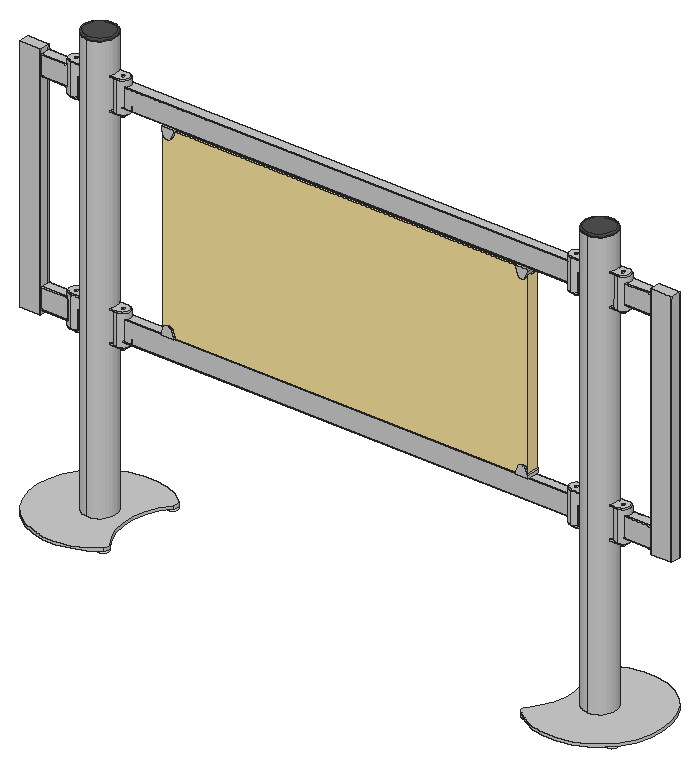
Revit family "PQR-441-ANPNL", category Furniture, Revit 2021
Family settings
  OmniClass Number = 23.40.20.00
  OmniClass Title = General Furniture and Specialties
  Work Plane-Based = No
  Always vertical = Yes
  Cut with Voids When Loaded = No
  Shared = No
  Room Calculation Point = No
Parameters
  W = 4' - 0"
  Frame [instance] = CEN_Frame_Metallic Silver Powdercoat (MS)
  Panel [instance] = Render Material 255-223-127
  Model = "PQR-441-ANPNL"
  End pieces on/off R [instance] = yes
  End pieces on/off L [instance] = yes
  Default Elevation = 0' - 0"
Reference planes (in)
  plane 1 "Center Front/Back": y = 0
  plane 2: z = 0
  plane 3 "Center Left/Right": x = 0
  plane 4: x = -24
  plane 5: x = 24
  plane 6: x = -17.5
  plane 7: x = 17.5
  plane 8: x = -21.5
  plane 9: x = 21.5
Forms (in)
  Extrusion 1, solid, material "CEN_Frame_Metallic Silver Powdercoat (MS)" <- "Frame"
    sketch origin (-23.29168, 0.50272, 36.0271) x (0, -1, 0) y (0, 0, 1)
      loop
        line (1, 0) -> (1, 1.78554)
        arc (1, 1.78554) -> (0.98091, 1.83163) -> (0.93482, 1.85072) r 0.06518
        line (0.93482, 1.85072) -> (0.06518, 1.85072)
        arc (0.06518, 1.85072) -> (0.01909, 1.83163) -> (0, 1.78554) r 0.06518
        line (0, 1.78554) -> (0, 0)
        arc (0, 0) -> (0.01909, -0.04609) -> (0.06518, -0.06518) r 0.06518
        line (0.06518, -0.06518) -> (0.93482, -0.06518)
        arc (0.93482, -0.06518) -> (0.98091, -0.04609) -> (1, 0) r 0.06518
      loop
        line (1, -20.08373) -> (1, -18.21446)
        arc (1, -18.21446) -> (0.98091, -18.16837) -> (0.93482, -18.14928) r 0.06518
        line (0.93482, -18.14928) -> (0.06518, -18.14928)
        arc (0.06518, -18.14928) -> (0.01909, -18.16837) -> (0, -18.21446) r 0.06518
        line (0, -18.21446) -> (0, -20.08373)
        arc (0, -20.08373) -> (0.01909, -20.12982) -> (0.06518, -20.14891) r 0.06518
        line (0.06518, -20.14891) -> (0.93482, -20.14891)
        arc (0.93482, -20.14891) -> (0.98091, -20.12982) -> (1, -20.08373) r 0.06518
    from -1.79168 to -44.79168
  Extrusion 2, solid, material "Render Material 255-223-127" <- "Panel"
    sketch origin (0, 0, 0) x (0, 1, 0) y (0, 0, 1)
      loop
        line (0.5, 17.96904) -> (0.5, 35.78154) -> (0.4375, 35.78154) -> (-0.4375, 35.78154) -> (-0.5, 35.78154) -> (-0.5, 17.96904) -> (-0.4375, 17.96904) -> (0.4375, 17.96904) -> (0.5, 17.96904)
    from -17.5 to 17.5
  Extrusion 3, solid, material "CEN_Frame_Metallic Silver Powdercoat (MS)" <- "Frame"
    sketch origin (0, 0, 0) x (1, 0, 0) y (0, 0, 1)
      loop
        line (-16.4145, 35.87529) -> (-17.5855, 35.87529) -> (-17.5855, 35.65654) -> (-17.41169, 35.17323)
        arc (-17.41169, 35.17323) -> (-17, 34.88379) -> (-16.58831, 35.17323) r 0.4375
        line (-16.58831, 35.17323) -> (-16.4145, 35.65654) -> (-16.4145, 35.87529)
    from -0.61497 to 0.61159
  Extrusion 4, solid, material "CEN_Frame_Metallic Silver Powdercoat (MS)" <- "Frame"
    sketch origin (0, 0, 0) x (-1, 0, 0) y (0, 0, -1)
      loop
        line (-16.4145, -35.87529) -> (-16.4145, -35.65654) -> (-16.58831, -35.17323)
        arc (-16.58831, -35.17323) -> (-17, -34.88379) -> (-17.41169, -35.17323) r 0.4375
        line (-17.41169, -35.17323) -> (-17.5855, -35.65654) -> (-17.5855, -35.87529) -> (-16.4145, -35.87529)
    from -0.61497 to 0.61159
  Extrusion 5, solid, material "CEN_Frame_Metallic Silver Powdercoat (MS)" <- "Frame"
    sketch origin (0, 0, 53.75058) x (1, 0, 0) y (0, 0, 1)
      loop
        line (-16.4145, -35.87529) -> (-16.4145, -35.65654) -> (-16.58831, -35.17323)
        arc (-16.58831, -35.17323) -> (-17, -34.88379) -> (-17.41169, -35.17323) r 0.4375
        line (-17.41169, -35.17323) -> (-17.5855, -35.65654) -> (-17.5855, -35.87529) -> (-16.4145, -35.87529)
    from -0.61497 to 0.61159
  Extrusion 6, solid, material "CEN_Frame_Metallic Silver Powdercoat (MS)" <- "Frame"
    sketch origin (0, 0, 53.75058) x (-1, 0, 0) y (0, 0, -1)
      loop
        line (-16.4145, 35.87529) -> (-17.5855, 35.87529) -> (-17.5855, 35.65654) -> (-17.41169, 35.17323)
        arc (-17.41169, 35.17323) -> (-17, 34.88379) -> (-16.58831, 35.17323) r 0.4375
        line (-16.58831, 35.17323) -> (-16.4145, 35.65654) -> (-16.4145, 35.87529)
    from -0.61497 to 0.61159
Dimensions and locks (in)
  equal spacing: plane 4, plane 3 "Center Left/Right", plane 5
  "W": plane 4 to plane 5
  locked: plane 7 to plane 5 at 6.5
  locked: plane 6 to plane 4 at 6.5
  locked: plane 4 to plane 8 at 2.5
  locked: plane 5 to plane 9 at 2.5
  aligned and locked: level to plane 2
  aligned and locked: plane 4 to nested 1
  aligned and locked: nested 2 to plane 5
  aligned and locked: Extrusion 2 to plane 6
  aligned and locked: Extrusion 2 to plane 7
  aligned and locked: plane 9 to Extrusion 1
  aligned and locked: Extrusion 1 to plane 8
Automatic sketch dimensions
  Extrusion 1 sketch curve to Extrusion 1 sketch curve = 0' - 0.06518"  (x6)
  plane 1 "Center Front/Back" to Extrusion 2 sketch curve = 0' - 0 1/2"
  Extrusion 2 sketch curve to Extrusion 2 sketch curve = 0' - 0 1/16"  (x3)
  Extrusion 2 sketch curve to plane 1 "Center Front/Back" = 0' - 0 7/16"  (x2)
  level to Extrusion 2 sketch curve = 1' - 5.96904"
  Extrusion 2 sketch curve to Extrusion 2 sketch curve = 1' - 5 13/16"
  Extrusion 1 sketch curve to plane 1 "Center Front/Back" = 0' - 0.50272"  (x2)
  plane 1 "Center Front/Back" to Extrusion 1 sketch curve = 0' - 0.43209"  (x4)
  level to Extrusion 1 sketch curve = 1' - 3.87818"
  Extrusion 1 sketch curve to Extrusion 1 sketch curve = 0' - 1.86927"
  Extrusion 1 sketch curve to Extrusion 1 sketch curve = 1' - 6.08409"
  Extrusion 1 sketch curve to Extrusion 1 sketch curve = 0' - 1.78554"
  Extrusion 3 sketch curve to plane 6 = 0' - 0.0855"
  plane 6 to Extrusion 3 sketch curve = 0' - 0.08831"
  Extrusion 3 sketch curve to Extrusion 3 sketch curve = 0' - 0.41169"  (x2)
  Extrusion 3 sketch curve to Extrusion 3 sketch curve = 0' - 0.17381"
  level to Extrusion 3 sketch curve = 2' - 11.17323"
  Extrusion 3 sketch curve to Extrusion 3 sketch curve = 0' - 0.14806"
  Extrusion 3 sketch curve to Extrusion 3 sketch curve = 0' - 0.48331"  (x2)
  Extrusion 3 sketch curve to Extrusion 3 sketch curve = 0' - 0 7/32"
  Extrusion 4 sketch curve to plane 7 = 0' - 0.0855"
  plane 7 to Extrusion 4 sketch curve = 0' - 0.08831"
  Extrusion 4 sketch curve to Extrusion 4 sketch curve = 0' - 0.41169"  (x2)
  Extrusion 4 sketch curve to Extrusion 4 sketch curve = 0' - 0.17381"
  level to Extrusion 4 sketch curve = 2' - 11.87529"
  Extrusion 4 sketch curve to Extrusion 4 sketch curve = 0' - 0 7/32"  (x2)
  Extrusion 4 sketch curve to Extrusion 4 sketch curve = 0' - 0.33525"
  Extrusion 4 sketch curve to Extrusion 4 sketch curve = 0' - 0.14806"
  Extrusion 5 sketch curve to plane 6 = 0' - 0.0855"
  plane 6 to Extrusion 5 sketch curve = 0' - 0.08831"
  Extrusion 5 sketch curve to Extrusion 5 sketch curve = 0' - 0.41169"  (x2)
  Extrusion 5 sketch curve to Extrusion 5 sketch curve = 0' - 0.17381"
  level to Extrusion 5 sketch curve = 1' - 5.87529"
  Extrusion 5 sketch curve to Extrusion 5 sketch curve = 0' - 0 7/32"  (x2)
  Extrusion 5 sketch curve to Extrusion 5 sketch curve = 0' - 0.33525"
  Extrusion 5 sketch curve to Extrusion 5 sketch curve = 0' - 0.14806"
  Extrusion 6 sketch curve to plane 7 = 0' - 0.0855"
  plane 7 to Extrusion 6 sketch curve = 0' - 0.08831"
  Extrusion 6 sketch curve to Extrusion 6 sketch curve = 0' - 0.41169"  (x2)
  Extrusion 6 sketch curve to Extrusion 6 sketch curve = 0' - 0.17381"
  level to Extrusion 6 sketch curve = 1' - 6.57735"
  Extrusion 6 sketch curve to Extrusion 6 sketch curve = 0' - 0.14806"
  Extrusion 6 sketch curve to Extrusion 6 sketch curve = 0' - 0.48331"  (x2)
  Extrusion 6 sketch curve to Extrusion 6 sketch curve = 0' - 0 7/32"
Nested families (in)
  nested 1: "PQR-341-post " at (-24, 0, 0) x (0, 1, 0) z (0, 0, 1), END KIT <- "End pieces on/off L", type "PQR-341-post "
  nested 2: "PQR-341-post " at (24, 0, 0) x (0, 1, 0) z (0, 0, 1), END KIT <- "End pieces on/off R", type "PQR-341-post "
Definition of nested family "PQR-341-post "
  Parameters (values of type "PQR-341-post ")
    plastic button = none
    Post = none
    END KIT [instance] = no
    Default Elevation = 0' - 0"
  Types (2): name
    PQR-341-post
    NOT END KIT
  Reference planes (in)
    plane 1 "Center Front/Back": y = 0
    plane 2: z = 0
    plane 3 "Center Left/Right": x = 0
    plane 4: z = 41.62154
    plane 5: z = 41.43404
    plane 6: z = 38.43918
    plane 7: z = 35.46343
    plane 8: z = 38.31958
    plane 9: z = 35.34626
    plane 10: z = 35.0779
    plane 11: z = 34.93741
    plane 12: z = 18.43657
    plane 13: z = 18.31697
    plane 14: z = 38.28685
    plane 15: z = 15.46357
    plane 16: z = 37.79482
    plane 17: z = 17.87782
    plane 18: z = 15.87818
  Forms (in)
    Extrusion 1, solid, material <- "Post"
      sketch origin (-0.02853, -0.08679, 0) x (1, 0, 0) y (0, 1, 0)
        loop
          arc (-3.79412, 4.14027) -> (-4.14981, 4.24664) -> (-4.48079, 4.07846) r 0.5
          arc (-4.48079, 4.07846) -> (0.03357, -5.88186) -> (4.53637, 4.0837) r 6.00161
          arc (4.53637, 4.0837) -> (4.20519, 4.25149) -> (3.84963, 4.14471) r 0.5
          arc (3.84963, 4.14471) -> (0.02853, 2.80874) -> (-3.79412, 4.14027) r 6.14269
      from 0.18657 to 0.43657
    Extrusion 2, solid, material <- "plastic button"
      sketch origin (0, 0, 0) x (1, 0, 0) y (0, 1, 0)
        loop
          circle (0, 0) r 1.5
      from 41.43404 to 41.62154
    Extrusion 3, solid, material <- "Post", visible <- "END KIT"
      sketch origin (0, 0, 0) x (1, 0, 0) y (0, 1, 0)
        loop
          circle (0.00169, -2.23449) r 0.6875
      from 35.46343 to 38.31958
    Extrusion 4, solid, material <- "Post"
      sketch origin (0, 0, 0) x (1, 0, 0) y (0, 1, 0)
        loop
          circle (0.00169, 2.23449) r 0.11265
        loop
          circle (0.00169, -2.23449) r 0.11265
        loop
          line (0.61497, -2.23449) -> (0.61497, 2.23449)
          arc (0.61497, 2.23449) -> (0.00169, 2.84777) -> (-0.61159, 2.23449) r 0.61328
          line (-0.61159, 2.23449) -> (-0.61159, -2.23449)
          arc (-0.61159, -2.23449) -> (0.00169, -2.84777) -> (0.61497, -2.23449) r 0.61328
      from 38.31958 to 38.43918
    Extrusion 5, solid, material <- "Post"
      sketch origin (0, 0, 0) x (1, 0, 0) y (0, 1, 0)
        loop
          circle (0.00169, 2.23449) r 0.11265
        loop
          circle (0.00169, -2.23449) r 0.11265
        loop
          line (0.61497, -2.23449) -> (0.61497, 2.23449)
          arc (0.61497, 2.23449) -> (0.00169, 2.84777) -> (-0.61159, 2.23449) r 0.61328
          line (-0.61159, 2.23449) -> (-0.61159, -2.23449)
          arc (-0.61159, -2.23449) -> (0.00169, -2.84777) -> (0.61497, -2.23449) r 0.61328
      from 35.34626 to 35.46343
    Extrusion 6, solid, material <- "Post"
      sketch origin (0, 0, 0) x (1, 0, 0) y (0, 1, 0)
        loop
          line (0.06349, 1.95369) -> (0.27562, 2.14947) -> (0.21213, 2.43108) -> (-0.06349, 2.5169) -> (-0.27562, 2.32111) -> (-0.21213, 2.0395) -> (0.06349, 1.95369)
        loop
          circle (0.00169, 2.23449) r 0.11265
      from 35.0779 to 35.34626
    Extrusion 7, solid, material <- "Post", visible <- "END KIT"
      sketch origin (0, 0, 0) x (1, 0, 0) y (0, 1, 0)
        loop
          circle (0.00169, -2.23449) r 0.11265
      from 34.93741 to 38.43918
    Sweep 8, void
      path in 3D
        loop
          arc (1.5, 0, 41.62154) -> (0, -1.5, 41.62154) -> (-1.5, 0, 41.62154) r 1.5
          arc (-1.5, 0, 41.62154) -> (0, 1.5, 41.62154) -> (1.5, 0, 41.62154) r 1.5
      profile origin (0, 1.5, 41.62154) x (0, 1, 0) y (0, 0, 1)
        loop
          line (0, -0.12486) -> (0.05983, -0.12486) -> (0.05983, 0) -> (-0.12486, 0)
          arc (-0.12486, 0) -> (-0.03657, -0.03657) -> (0, -0.12486) r 0.12486
    Extrusion 9, solid, material <- "Post"
      sketch origin (0, 0, 0) x (1, 0, 0) y (0, 1, 0)
        loop
          circle (0.00169, 2.23449) r 0.11265
      from 34.93741 to 38.43918
    Extrusion 10, solid, material <- "Post"
      sketch origin (0, 0, -20) x (1, 0, 0) y (0, 1, 0)
        loop
          circle (0.00169, 2.23449) r 0.11265
        loop
          circle (0.00169, -2.23449) r 0.11265
        loop
          line (0.61497, -2.23449) -> (0.61497, 2.23449)
          arc (0.61497, 2.23449) -> (0.00169, 2.84777) -> (-0.61159, 2.23449) r 0.61328
          line (-0.61159, 2.23449) -> (-0.61159, -2.23449)
          arc (-0.61159, -2.23449) -> (0.00169, -2.84777) -> (0.61497, -2.23449) r 0.61328
      from 38.31697 to 38.43657
    Extrusion 11, solid, material <- "Post"
      sketch origin (0, 0, -20) x (1, 0, 0) y (0, 1, 0)
        loop
          circle (0.00169, 2.23449) r 0.11265
        loop
          circle (0.00169, -2.23449) r 0.11265
        loop
          line (0.61497, -2.23449) -> (0.61497, 2.23449)
          arc (0.61497, 2.23449) -> (0.00169, 2.84777) -> (-0.61159, 2.23449) r 0.61328
          line (-0.61159, 2.23449) -> (-0.61159, -2.23449)
          arc (-0.61159, -2.23449) -> (0.00169, -2.84777) -> (0.61497, -2.23449) r 0.61328
      from 35.34365 to 35.46082
    Extrusion 12, solid, material <- "Post", visible <- "END KIT"
      sketch origin (0, 0, -20) x (1, 0, 0) y (0, 1, 0)
        loop
          circle (0.00169, -2.23449) r 0.11265
      from 34.9348 to 38.43657
    Extrusion 13, solid, material <- "Post"
      sketch origin (0, 0, -20) x (1, 0, 0) y (0, 1, 0)
        loop
          circle (0.00169, 2.23449) r 0.11265
      from 34.9348 to 38.43657
    Extrusion 14, solid
      sketch origin (-0.02853, -0.08679, 0) x (1, 0, 0) y (0, 1, 0)
        loop
          circle (-4.10805, 3.76384) r 0.48854
        loop
          circle (4.16511, 3.76384) r 0.48854
        loop
          circle (-3.62282, -3.98401) r 0.48854
        loop
          circle (3.67988, -3.98401) r 0.48854
      from 0 to 0.18657
    Extrusion 15, solid, material <- "Post"
      sketch origin (0, 0, 0) x (1, 0, 0) y (0, 1, 0)
        loop
          circle (0, 0) r 1.5
      from 0.43657 to 41.43404
    Extrusion 16, solid, material <- "Post", visible <- "END KIT"
      sketch origin (0, 0, 0) x (1, 0, 0) y (0, 1, 0)
        loop
          line (0.44955, -5.29168) -> (-0.44411, -5.29168)
          arc (-0.44411, -5.29168) -> (-0.4817, -5.30725) -> (-0.49728, -5.34485) r 0.05317
          line (-0.49728, -5.34485) -> (-0.49728, -7.23851)
          arc (-0.49728, -7.23851) -> (-0.4817, -7.27611) -> (-0.44411, -7.29168) r 0.05317
          line (-0.44411, -7.29168) -> (0.44955, -7.29168)
          arc (0.44955, -7.29168) -> (0.48715, -7.27611) -> (0.50272, -7.23851) r 0.05317
          line (0.50272, -7.23851) -> (0.50272, -5.34485)
          arc (0.50272, -5.34485) -> (0.48715, -5.30725) -> (0.44955, -5.29168) r 0.05317
      from 15.46357 to 38.28685
    Extrusion 17, solid, material <- "Post", visible <- "END KIT"
      sketch origin (0, 0, 0) x (1, 0, 0) y (0, 0, 1)
        loop
          line (-0.43209, 35.96191) -> (0.43754, 35.96191)
          arc (0.43754, 35.96191) -> (0.48363, 35.981) -> (0.50272, 36.0271) r 0.06518
          line (0.50272, 36.0271) -> (0.50272, 37.81264)
          arc (0.50272, 37.81264) -> (0.48363, 37.85873) -> (0.43754, 37.87782) r 0.06518
          line (0.43754, 37.87782) -> (-0.43209, 37.87782)
          arc (-0.43209, 37.87782) -> (-0.47818, 37.85873) -> (-0.49728, 37.81264) r 0.06518
          line (-0.49728, 37.81264) -> (-0.49728, 36.0271)
          arc (-0.49728, 36.0271) -> (-0.47818, 35.981) -> (-0.43209, 35.96191) r 0.06518
        loop
          line (-0.43209, 15.87818) -> (0.43754, 15.87818)
          arc (0.43754, 15.87818) -> (0.48363, 15.89727) -> (0.50272, 15.94336) r 0.06518
          line (0.50272, 15.94336) -> (0.50272, 17.81264)
          arc (0.50272, 17.81264) -> (0.48363, 17.85873) -> (0.43754, 17.87782) r 0.06518
          line (0.43754, 17.87782) -> (-0.43209, 17.87782)
          arc (-0.43209, 17.87782) -> (-0.47818, 17.85873) -> (-0.49728, 17.81264) r 0.06518
          line (-0.49728, 17.81264) -> (-0.49728, 15.94336)
          arc (-0.49728, 15.94336) -> (-0.47818, 15.89727) -> (-0.43209, 15.87818) r 0.06518
      from 2.63684 to 5.29168
    Extrusion 18, solid, material <- "Post"
      sketch origin (0, 0, 0) x (1, 0, 0) y (0, 1, 0)
        loop
          circle (0.00169, 2.23449) r 0.6875
      from 35.46343 to 38.31958
    Extrusion 19, solid, material <- "Post"
      sketch origin (0, 0, -20) x (1, 0, 0) y (0, 1, 0)
        loop
          circle (0.00169, 2.23449) r 0.6875
      from 35.46082 to 38.31697
    Extrusion 20, solid, material <- "Post", visible <- "END KIT"
      sketch origin (0, 0, -20) x (1, 0, 0) y (0, 1, 0)
        loop
          circle (0.00169, -2.23449) r 0.6875
      from 35.46082 to 38.31697
    Extrusion 21, solid, material <- "Post", visible <- "END KIT"
      sketch origin (0, 0, 0) x (1, 0, 0) y (0, 1, 0)
        loop
          line (0.06349, -1.95369) -> (-0.21213, -2.0395) -> (-0.27562, -2.32111) -> (-0.06349, -2.5169) -> (0.21213, -2.43108) -> (0.27562, -2.14947) -> (0.06349, -1.95369)
        loop
          circle (0.00169, -2.23449) r 0.11265
      from 35.0779 to 35.34626
    Extrusion 22, solid, material <- "Post"
      sketch origin (0, 0, -20.00261) x (1, 0, 0) y (0, 1, 0)
        loop
          line (0.06349, 1.95369) -> (0.27562, 2.14947) -> (0.21213, 2.43108) -> (-0.06349, 2.5169) -> (-0.27562, 2.32111) -> (-0.21213, 2.0395) -> (0.06349, 1.95369)
        loop
          circle (0.00169, 2.23449) r 0.11265
      from 35.0779 to 35.34626
    Extrusion 23, solid, material <- "Post", visible <- "END KIT"
      sketch origin (0, 0, -20.00261) x (1, 0, 0) y (0, 1, 0)
        loop
          line (0.06349, -1.95369) -> (-0.21213, -2.0395) -> (-0.27562, -2.32111) -> (-0.06349, -2.5169) -> (0.21213, -2.43108) -> (0.27562, -2.14947) -> (0.06349, -1.95369)
        loop
          circle (0.00169, -2.23449) r 0.11265
      from 35.0779 to 35.34626
  Cuts and joins
    Sweep 8 cuts Extrusion 2
    joined: Extrusion 3, Extrusion 17
  Lines and regions (in)
    sketch lines
      curve 1: arc (-1.5, 0, 41.62154) -> (0, 1.5, 41.62154) -> (1.5, 0, 41.62154) r 1.5
      curve 2: arc (1.5, 0, 41.62154) -> (0, -1.5, 41.62154) -> (-1.5, 0, 41.62154) r 1.5
  Dimensions and locks (in)
    plane 4 to level = 3' - 5.62154"
    locked: plane 4 to plane 5 at 0.1875
    plane 11 to plane 10 to plane 9 to plane 7 to plane 8 to plane 6 = 0' - 0.14049" locked, 0' - 0.26836" locked, 0' - 0 15/128" locked, 0' - 2.85615" locked, 0' - 0.1196" locked
    locked: plane 7 to plane 4 at 6.15811
    locked: plane 14 to plane 15 at 22.82328
    locked: plane 14 to plane 6 at 0.15234
    aligned and locked: level to plane 2
    aligned and locked: plane 4 to Extrusion 2
    aligned and locked: Extrusion 14 to level
    aligned and locked: plane 5 to cut or joined group of Extrusion 2, Sweep 8
    aligned and locked: Extrusion 15 to plane 5
    aligned and locked: plane 5 to Extrusion 15
    aligned and locked: plane 6 to Extrusion 4
    aligned and locked: plane 7 to Extrusion 3  (x2)
    aligned and locked: plane 8 to Extrusion 3
    aligned and locked: plane 11 to Extrusion 7  (x2)
    aligned and locked: plane 11 to Extrusion 9
    aligned and locked: plane 10 to Extrusion 6
    aligned and locked: Extrusion 6 to plane 10
    aligned and locked: plane 9 to Extrusion 5
    aligned and locked: Extrusion 6 to plane 9
    aligned and locked: Extrusion 5 to plane 9  (x2)
    aligned and locked: Extrusion 5 to plane 7
    aligned and locked: plane 7 to Extrusion 5
    aligned and locked: plane 8 to Extrusion 4
    aligned and locked: Extrusion 4 to Extrusion 9
    aligned and locked: Extrusion 7 to plane 6
    aligned and locked: plane 12 to Extrusion 10
    aligned and locked: plane 14 to Extrusion 16
    aligned and locked: plane 15 to Extrusion 16
